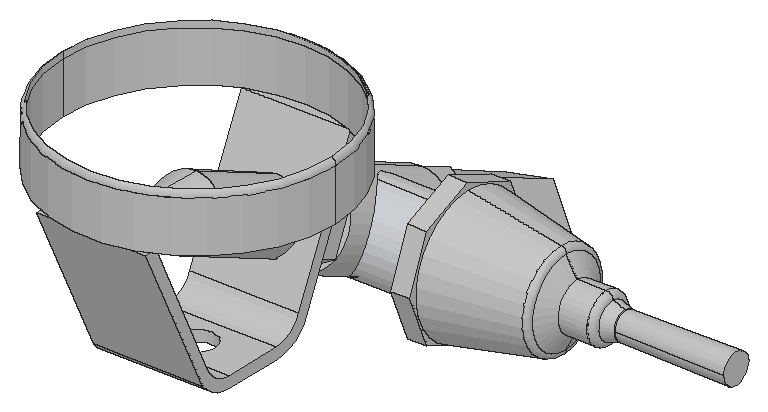
Revit family "BUB224L", category Generic Models, Revit 2015
Parameters
  URL = "www.yepsketch.com"
  Model = "BUB224L"
  Manufacturer = "ENWARE"  # constant formula
  Author = "Yepsketch"  # constant formula
Reference planes
  plane 1 "Center (Front/Back)": y = 0
  plane 2: z = 0
  plane 3 "Center (Left/Right)": x = 0
  plane 4 "REFERENCIA 1": y = 155
  plane 5 "REFERENCIA 2": z = 62.95
  plane 6: x = 105
  plane 7 "REFERENCIA 5": x = 74.506
Forms (mm)
  Extrusion 1, solid, material "metal"
    sketch origin (0, 150.036, 0) x (0.34202, 0.397131, 0.851651) y (0.939693, -0.144544, -0.309976)
      loop
        line (-12.5, 0) -> (-6.25, -10.825) -> (6.25, -10.825) -> (12.5, 0) -> (6.25, 10.825) -> (-6.25, 10.825) -> (-12.5, 0)
    from 0 to -33.745
  Extrusion 2, solid, material "metal"
    sketch origin (0, 119.453, 14.261) x (0, 0.422618, 0.906308) y (1, 0, 0)
      loop
        line (-12.5, 0) -> (-6.25, -10.825) -> (6.25, -10.825) -> (12.5, 0) -> (6.25, 10.825) -> (-6.25, 10.825) -> (-12.5, 0)
    from 0 to -11
  Revolve 3, solid, material "metal"
    sketch origin (0, 9.558, 65.506) x (0, 0.906308, -0.422618) y (0, 0.422618, 0.906308)
      loop
        line (110.255, 0) -> (71.6, 0) -> (71.6, -12.5) -> (110.255, -12.5) -> (110.255, 0)
      axis (71.6, 0) -> (110.255, 0)
    angle from 0 to 360
  Extrusion 4, solid, material "metal"
    sketch origin (0, 74.45, 35.246) x (0, 0.422618, 0.906308) y (1, 0, 0)
      loop
        line (-12.5, 0) -> (-6.25, -10.825) -> (6.25, -10.825) -> (12.5, 0) -> (6.25, 10.825) -> (-6.25, 10.825) -> (-12.5, 0)
    from 0 to -11
  Revolve 5, solid, material "metal"
    sketch origin (0, 9.558, 65.506) x (0, 0.906308, -0.422618) y (0, 0.422618, 0.906308)
      loop
        line (60.558, -9.375) -> (60.558, 0) -> (16.7, 0) -> (16.7, -5) -> (26.7, -9.375) -> (60.558, -9.375)
      axis (16.7, 0) -> (60.558, 0)
    angle from 0 to 360
  Revolve 6, solid
    sketch origin (0, 91.967, 0.091) x (0, 0, 1) y (1, 0, 0)
      loop
        line (26.987, 26.138) -> (15, 26.138) -> (15, 1.138) -> (26.987, 1.138) -> (26.987, 26.138)
      axis (26.987, 1.138) -> (26.987, 26.138)
    angle from 0 to 360
  Sweep 7, solid, material "metal"
    path origin (0, 155, 0) x (0, 0, 1) y (1, 0, 0)
      loop
        line (19.259, -15) -> (19.259, 15)
    profile origin (0, 155, 19.259) x (0, 0, -1) y (0, 1, 0)
      loop
        line (-43.691, -153.329) -> (-2.843, -133.847)
        arc (-2.843, -133.847) -> (0.426, -129.7) -> (1.592, -124.549) r 11.966
        line (1.592, -124.549) -> (1.592, -116.549) -> (1.592, -108.549)
        arc (1.592, -108.549) -> (0.361, -103.298) -> (-3.074, -99.141) r 11.82
        line (-3.074, -99.141) -> (-43.691, -79.769) -> (-43.691, -82.985) -> (-6.431, -100.755)
        arc (-6.431, -100.755) -> (-2.82, -103.939) -> (-1.431, -108.549) r 8.781
        line (-1.431, -108.549) -> (-1.431, -116.549) -> (-1.431, -124.549)
        arc (-1.431, -124.549) -> (-2.82, -129.158) -> (-6.431, -132.343) r 8.781
        line (-6.431, -132.343) -> (-43.691, -150.113) -> (-43.691, -153.329)
  Sweep 8, solid, material "metal"
    path origin (0, 0, 62.95) x (0, -1, 0) y (1, 0, 0)
      loop
        circle (-38, 0) r 38
    profile origin (0, 76, 62.95) x (0, -1, 0) y (0, 0, 1)
      loop
        line (0, 0) -> (1.023, 0) -> (1.023, 14.221) -> (1.023, 15.992)
        arc (1.023, 15.992) -> (0.274, 15.244) -> (0, 14.221) r 2.045
        line (0, 14.221) -> (0, 0)
  Extrusion 9, void
    sketch origin (0, 0, 17.667) x (0, -1, 0) y (1, 0, 0)
      loop
        circle (-38, 0) r 5
    from 0 to 3.022
  Blend 10, solid, material "metal"
    base sketch origin (74.506, 0, 0) x (0, 0, -1) y (0, -1, 0)
      loop
        circle (-27.066, -91.967) r 3.715
    top sketch origin (74.506, 0, 0) x (0, 0, -1) y (0, -1, 0)
      loop
        circle (-27.066, -91.967) r 4.164
    from 0 to -30.494
Cuts and joins
  Extrusion 9 cuts Sweep 7
Dimensions and locks
  aligned and locked: level to plane 2
Nested families
  nested 1: "BUB219C" at (-114, 91.967, 27.066), type "BUB219C"
Definition of nested family "BUB219C"
  Parameters (values of type "BUB219C")
    URL = "www.yepsketch.com"
    Model = "BUB219C"
    Manufacturer = "EMWARE"  # constant formula
    Author = "Yepsketch"  # constant formula
  Reference planes
    plane 1 "Center (Front/Back)": y = 0
    plane 2: z = 0
    plane 3 "Center (Left/Right)": x = 0
    plane 4: x = 185
    plane 5: x = 125
    plane 6: z = 75
    plane 7: z = 100
    plane 8 "REFERENCIA 1": x = 11.505
    plane 9 "REFERENCIA 2": x = 140.138
    plane 10: x = 205
  Forms (mm)
    Extrusion 1, solid
      sketch origin (140.138, 0, 0) x (0, 0, 1) y (0, -1, 0)
        loop
          line (-20, 0) -> (-14.142, -14.142) -> (0, -20) -> (14.142, -14.142) -> (20, 0) -> (14.142, 14.142) -> (0, 20) -> (-14.142, 14.142) -> (-20, 0)
      from 0 to 5.194
    Revolve 2, solid
      sketch origin (0, 0, 0) x (1, 0, 0) y (0, 0, 1)
        loop
          line (145.333, 0) -> (145.333, -18.216) -> (170.685, -13.288)
          arc (170.685, -13.288) -> (171.775, -12.836) -> (172.227, -11.746) r 1.541
          line (172.227, -11.746) -> (175.192, -6.61) -> (183.287, -6.61)
          arc (183.287, -6.61) -> (184.498, -6.109) -> (185, -4.897) r 1.713
          line (185, -4.897) -> (188.506, -3.715) -> (188.506, 0) -> (145.333, 0)
        axis (145.333, 0) -> (188.506, 0)
      angle from 0 to 360
  Dimensions and locks
    aligned and locked: level to plane 2
